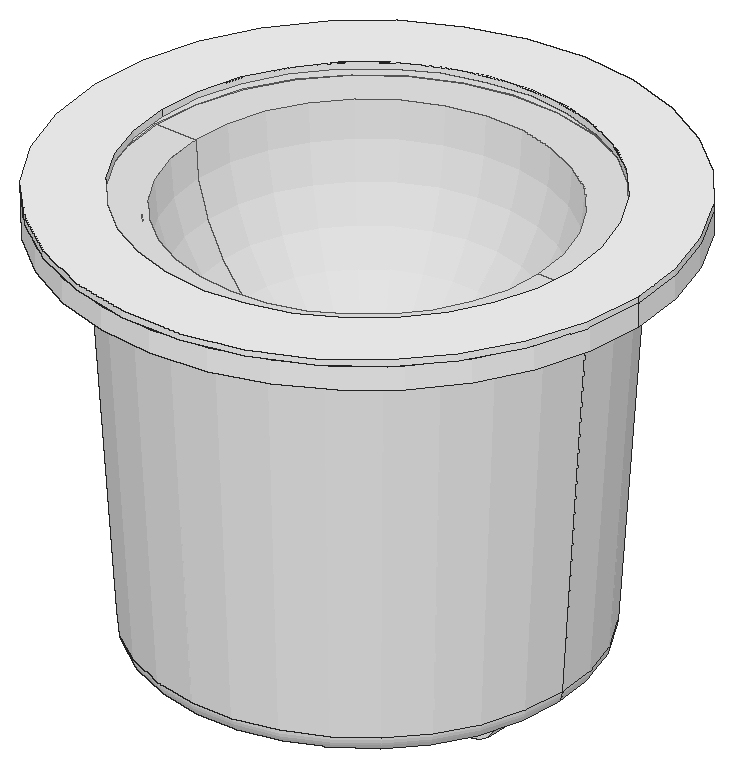
Revit family "2058880 Feilo Sylvania Lighting Fixture MYRD IP ST 2-7K PHDM BLK WBEZ", category Lighting Fixtures, host Face, Revit 2017
Family settings
  Host = Face
  Round Connector Dimension = Use Diameter
  Part Type = Normal
  OmniClass Number = 23.80.70.11.17
  OmniClass Title = Specialized Lighting by Location or Use
  Cut with Voids When Loaded = No
  Light Source = Yes
  Shared = No
  Room Calculation Point = No
Parameters
  Weight = "0.44 kg"
  Wattage = 15 W
  WarrantyStartDate [instance] = "n/a"
  WarrantyGuarantorParts = "n/a"
  WarrantyDurationUnit = "n/a"
  WarrantyDurationParts = "n/a"
  WarrantyDescription = "n/a"
  built-in parameter 1150110 = 1 (stored number, unit not read)
  Voltage = 230 V
  URL = "http://www.sylvania-lighting.com"
  TypeName = "MYRD IP ST 2.7K PHDM BLK WBEZ"
  Type Image = 0
  Type Comments = ""
  built-in parameter 1114217 = 1 (stored number, unit not read)
  Tilt Angle = -90°
  built-in parameter 1150109 = 1 (stored number, unit not read)
  built-in parameter 1150134 = (empty or 0)
  built-in parameter 1150113 = 1 (stored number, unit not read)
  SerialNumber [instance] = "n/a"
  Reflector Radius = Cutout Diameter / 2 - 2.5 mm  # 35.0 mm
  Reflector Material = Aluminum_Sylvania_Myriad_Bright
  Recessed Depth = Height  # 72.0 mm
  PowerFactor = 0
  PowerConsumption = "15 W"
  Photometric Web File = ""
  NominalWidth = 0.0 mm
  NominalLength = 76.0 mm
  NominalHeight = 72.0 mm
  Name = "MYRD IP ST 2.7K PHDM BLK WBEZ"
  ModelReference = "MYRD IP ST 2.7K PHDM BLK WBEZ"
  ModelNumber = "2058880"
  Material = "Aluminium"
  ManufacturerName = "Feilo Sylvania"
  LuminousEfficacy = "70 lm/W"
  LuminaireType = "Ceiling recessed"
  LightOutputRatio = "1"
  LampsType = Lamp  # "LED"
  LampNominalLuminous = "1046 lm"
  LampMacAdamStep = "n/a"
  LampColourTemperature = "2700 K"
  LampColourRenderingIndex = "n/a"
  Keynote = "16500"
  Keynote_2 = "16500"
  InstallationDate [instance] = "n/a"
  InputVoltage = "230-240V~"
  InputNominalFrequency = "50/60 Hz"
  IngressProtection = "IP65"
  ImpactProtectionIndex = "IK02"
  IfcExportType = "IfcLightFixtureType"
  IfcExportAs = "IfcLightFixtureType"
  Height = 72.0 mm  # constant formula
  ExpectedLife = 50000
  Emit from Circle Diameter = Accessory Inner Diameter 2  # 68.0 mm
  Emit Shape Visible in Rendering = no
  ElectricShockClassification = "Class II"
  DurationUnit = "hours"
  DocumentationLiterature = "http://www.sylvania-lighting.com/product/en-int/products/2058880"
  DimmingControlOptions = "Dimmable"
  Diffuser Material = Glass_Sylvania_Myriad_Clear_4000K
  Diffuser Diameter = Cutout Diameter  # 75.0 mm
  Cutout Diameter = 75.0 mm  # constant formula
  CreatedOn = "03-11-2017"
  CreatedBy = ""
  Cost = 0
  built-in parameter 1114216 [instance] = 1 (stored number, unit not read)
  built-in parameter 1150142 = (empty or 0)
  Model = "MYRD IP ST 2.7K PHDM BLK WBEZ"
  Manufacturer = "Feilo Sylvania"  # constant formula
  built-in parameter 1150105 = 83.556 (stored number, unit not read)
  Lumens = 1050 lm
  built-in parameter 1150115 = 1 (stored number, unit not read)
  built-in parameter 1150137 = (empty or 0)
  built-in parameter 1150139 = (empty or 0)
  built-in parameter 1150112 = 1 (stored number, unit not read)
  built-in parameter 1150114 = 1 (stored number, unit not read)
  Lamp = "LED"
  built-in parameter 1150132 = (empty or 0)
  built-in parameter 1150102 = (empty or 0)
  built-in parameter 1150107 = 2700 (stored number, unit not read)
  built-in parameter 1150138 = (empty or 0)
  built-in parameter 1150106 = 0.83556 (stored number, unit not read)
  built-in parameter 1150104 = 6.5032 (stored number, unit not read)
  Dimming Lamp Color Temperature Shift = (empty or 0)
  Description = "Supplied complete with electronic control gear Compact Fluorescent low energy downlight Emergency version passes through the cut out Ideal for low level orientation lighting New range of Architectural accessories each providing a different lit dimension New completely flush plaster up accessory ring for clean ceiling lines and smooth finish Order lamp separately"  # constant formula
  Default Elevation = 0.0 mm
  Color Filter = 16777215
  built-in parameter 1140040 [instance] = 1
  Body Radius = Reflector Radius + 1.5 mm  # 36.5 mm
  Body Material = Aluminum_Sylvania_Myriad_Gray
  BarCode [instance] = "n/a"
  built-in parameter 1114218 = 1 (stored number, unit not read)
  built-in parameter 1150133 = 10 (stored number, unit not read)
  AssetType = "Fixed"
  AssetIdentifier [instance] = "n/a"
  Assembly Code = "D5020200"
  Apparent Load = 15 VA
  Accessory Material = Aluminum_Sylvania_Myriad_White
  Accessory Inner Diameter 2 = Accessory Diameter - 22.0 mm  # 68.0 mm
  Accessory Inner Diameter 1 = Accessory Diameter - 2.0 mm  # 88.0 mm
  Accessory Diameter = Cutout Diameter + 15.0 mm  # 90.0 mm
Reference planes
  plane 1 "Center (Front/Back)": y = 0
  plane 2: z = 0
  plane 3 "Center (Left/Right)": x = 0
  plane 4: z = 2
  plane 5 "Fixture Bottom": z = 4.5
  plane 6: z = -28.5
  plane 7: z = -61.5
  plane 8 "Fixture Top": z = -67.5
  plane 9: z = 3.5
Forms (mm)
  Revolve 1, solid, material "Aluminum_Sylvania_Myriad_Bright" <- "Reflector Material", detail levels fine
    sketch origin (0, 0, 0) x (1, 0, 0) y (0, 0, 1)
      loop
        line (0, -27.515) -> (-6, -27.515)
        arc (-6, -27.515) -> (-22.333, -16.632) -> (-28.5, 2) r 30.135
        line (-28.5, 2) -> (-35, 2) -> (-35, 0) -> (-29.184, 0)
        arc (-29.184, 0) -> (-22.423, -18.18) -> (-6, -28.5) r 30.204
        line (-6, -28.5) -> (0, -28.5) -> (0, -27.515)
      axis (0, -28.5) -> (0, 2)
    angle from 0 to 360
  Revolve 2, solid, material "Aluminum_Sylvania_Myriad_Gray" <- "Body Material", detail levels fine
    sketch origin (0, 0, 0) x (1, 0, 0) y (0, 0, 1)
      loop
        line (-44, 2) -> (-44, 0) -> (-36.5, 0) -> (-32.42, -58.708)
        arc (-32.42, -58.708) -> (-31.474, -60.694) -> (-29.428, -61.5) r 3
        line (-29.428, -61.5) -> (0, -61.5) -> (0, -28.5) -> (-6, -28.5)
        arc (-6, -28.5) -> (-22.423, -18.18) -> (-29.184, 0) r 30.204
        line (-29.184, 0) -> (-35, 0) -> (-35, 2) -> (-44, 2)
      axis (0, 2) -> (0, -61.5)
    angle from 0 to 360
  Extrusion 3, solid, material "Aluminum_Sylvania_Myriad_Gray" <- "Body Material", detail levels fine
    sketch origin (0, 0, 0) x (1, 0, 0) y (0, 0, 1)
      loop
        line (-13.5, -67.5) -> (21, -67.5)
        arc (21, -67.5) -> (23.828, -66.328) -> (25, -63.5) r 4
        line (25, -63.5) -> (25, -61.5) -> (-17.5, -61.5) -> (-17.5, -63.5)
        arc (-17.5, -63.5) -> (-16.328, -66.328) -> (-13.5, -67.5) r 4
    from -4.5 to 4.5
  Extrusion 4, solid, material "Aluminum_Sylvania_Myriad_White" <- "Accessory Material", detail levels fine
    sketch origin (0, 0, 0) x (1, 0, 0) y (0, 1, 0)
      loop
        circle (0, 0) r 45
      loop
        circle (0, 0) r 44
    from 0 to 3.5
  Extrusion 5, solid, material "Aluminum_Sylvania_Myriad_White" <- "Accessory Material", detail levels fine
    sketch origin (0, 0, 0) x (1, 0, 0) y (0, 1, 0)
      loop
        circle (0, 0) r 45
      loop
        circle (0, 0) r 34
    from 3.5 to 4.5
  Extrusion 6, solid, material "Aluminum_Sylvania_Myriad_White" <- "Accessory Material", detail levels coarse+medium
    sketch origin (0, 0, 0) x (1, 0, 0) y (0, 1, 0)
      loop
        circle (0, 0) r 45
    from 0 to 4.5
  Revolve 7, solid, detail levels coarse+medium
    sketch origin (0, 0, 0) x (1, 0, 0) y (0, 0, 1)
      loop
        line (36.5, 0) -> (0, 0) -> (0, -61.5) -> (32.226, -61.5) -> (36.5, 0)
      axis (0, 0) -> (0, -61.5)
    angle from 0 to 360
  Extrusion 8, void
    sketch origin (0, 0, 0) x (1, 0, 0) y (0, 1, 0)
      loop
        circle (0, 0) r 37.5
    from -67.5 to 0
  Extrusion 9, solid, material "Glass_Sylvania_Myriad_Clear_4000K" <- "Diffuser Material", detail levels fine
    sketch origin (0, 0, 0) x (1, 0, 0) y (0, 1, 0)
      loop
        circle (0, 0) r 37.5
    from 2 to 3.5
Cuts and joins
  joined: Extrusion 4, Extrusion 5
Lines and regions (mm)
  Masking region 1
    outline origin (0, 0, 0) x (1, 0, 0) y (0, 1, 0)
      loop
        circle (0, 0) r 45
  symbolic lines
    curve 1: arc (-34, 0, 0) -> (0, 34, 0) -> (34, 0, 0) r 34
    curve 2: arc (34, 0, 0) -> (0, -34, 0) -> (-34, 0, 0) r 34
Dimensions and locks
  locked: plane 7 to plane 8 "Fixture Top" at 6
  "Body Radius": Revolve 7 sketch curve to plane 3 "Center (Left/Right)"
  locked: Revolve 7 sketch curve to Revolve 7 sketch curve at 4.274
  plane 5 "Fixture Bottom" to plane 9 to plane 4 to plane 2 to plane 6 = 1.0 mm locked, 1.5 mm locked, 2.0 mm locked, 28.5 mm locked
  "Reflector Radius": Revolve 1 sketch curve to plane 3 "Center (Left/Right)"
  Revolve 1 sketch curve to Revolve 1 sketch curve to Revolve 1 sketch curve to Revolve 1 sketch curve = 6.5 mm locked, 22.5 mm locked, 0.0 mm locked
  "Reflector Radius": plane 3 "Center (Left/Right)" to Revolve 2 sketch curve
  Revolve 2 sketch curve to Revolve 2 sketch curve to Revolve 2 sketch curve = 7.5 mm locked, 1.5 mm locked
  Revolve 2 sketch curve to Revolve 2 sketch curve to Revolve 2 sketch curve = 5.816 mm locked, 23.184 mm locked
  Revolve 2 sketch curve to Revolve 2 sketch curve to Revolve 2 sketch curve = 2.58 mm locked, 2.993 mm locked
  "Accessory Diameter": diameter of Extrusion 4 sketch curve
  "Accessory Inner Diameter 1": diameter of Extrusion 4 sketch curve
  "Accessory Diameter": diameter of Extrusion 5 sketch curve
  "Accessory Diameter": diameter of Extrusion 6 sketch curve
  "Cutout Diameter": diameter of Extrusion 8 sketch curve
  "Accessory Inner Diameter 2": diameter of Extrusion 5 sketch curve
  "Diffuser Diameter": diameter of Extrusion 9 sketch curve
  aligned and locked: plane 2 to host face
  aligned and locked: level to host face
  aligned and locked: plane 1 "Center (Front/Back)" to imposter light
  aligned and locked: plane 3 "Center (Left/Right)" to imposter light
  aligned and locked: Revolve 1 sketch curve to imposter light
  aligned and locked: Extrusion 3 sketch curve to plane 8 "Fixture Top"
  aligned and locked: plane 7 to Extrusion 3 sketch curve
  aligned and locked: Extrusion 4 to plane 2
  aligned and locked: plane 9 to Extrusion 4
  aligned and locked: Extrusion 5 to plane 9
  aligned and locked: plane 5 "Fixture Bottom" to Extrusion 5
  aligned and locked: Extrusion 6 to plane 2
  aligned and locked: plane 5 "Fixture Bottom" to Extrusion 6
  aligned and locked: Extrusion 8 to plane 8 "Fixture Top"
  aligned and locked: plane 2 to Extrusion 8
  aligned and locked: Masking region 1 sketch curve to Extrusion 6  (x2)
  aligned and locked: Extrusion 9 to plane 4
  aligned and locked: plane 9 to Extrusion 9
  aligned and locked: plane 4 to Revolve 2 sketch curve
  aligned and locked: Revolve 2 sketch curve to plane 2
  aligned and locked: curve 1 to cut or joined group of Extrusion 4, Extrusion 5
  aligned and locked: curve 2 to cut or joined group of Extrusion 4, Extrusion 5
  aligned and locked: imposter light to plane 5 "Fixture Bottom"
Automatic sketch dimensions
  host sketch curve to host sketch curve = 1305.563 mm
  host sketch curve to host sketch curve = 1283.632 mm
  Extrusion 3 sketch curve to plane 7 = 2.0 mm
  Extrusion 3 sketch curve to plane 3 "Center (Left/Right)" = 13.5 mm
  plane 3 "Center (Left/Right)" to Extrusion 3 sketch curve = 21.0 mm
  Extrusion 3 sketch curve to Extrusion 3 sketch curve = 4.0 mm
  Revolve 1 sketch curve to level = 0.0 mm
  Revolve 1 sketch curve to plane 3 "Center (Left/Right)" = 0.0 mm
  Revolve 1 sketch curve to plane 6 = 0.0 mm
  Revolve 1 sketch curve to plane 4 = 0.0 mm
  Revolve 1 sketch curve to Revolve 1 sketch curve = 0.684 mm
  level to Revolve 1 sketch curve = 0.88 mm
  Revolve 1 sketch curve to plane 4 = 0.363 mm
  Revolve 1 sketch curve to Revolve 1 sketch curve = 0.625 mm
  Revolve 1 sketch curve to plane 8 "Fixture Top" = 232.8 mm
  plane 5 "Fixture Bottom" to Revolve 1 sketch curve = 291.243 mm
  Revolve 2 sketch curve to plane 3 "Center (Left/Right)" = 0.0 mm  (x2)
  Revolve 2 sketch curve to plane 7 = 0.0 mm
  Revolve 2 sketch curve to plane 6 = 0.0 mm
  Revolve 2 sketch curve to level = 0.0 mm
  level to Revolve 2 sketch curve = 0.88 mm
  plane 7 to Revolve 2 sketch curve = 2.792 mm
  Revolve 2 sketch curve to plane 8 "Fixture Top" = 304.774 mm
  plane 5 "Fixture Bottom" to Revolve 2 sketch curve = 1137.105 mm
  Extrusion 4 sketch curve to Extrusion 4 sketch curve = 0.0 mm  (x2)
  plane 1 "Center (Front/Back)" to Extrusion 4 sketch curve = 0.0 mm
  Extrusion 4 sketch curve to plane 3 "Center (Left/Right)" = 0.0 mm
  Extrusion 5 sketch curve to Extrusion 5 sketch curve = 0.0 mm  (x2)
  plane 1 "Center (Front/Back)" to Extrusion 5 sketch curve = 0.0 mm
  Extrusion 5 sketch curve to plane 3 "Center (Left/Right)" = 0.0 mm
  plane 1 "Center (Front/Back)" to Extrusion 6 sketch curve = 0.0 mm
  Extrusion 6 sketch curve to plane 3 "Center (Left/Right)" = 0.0 mm
  Revolve 7 sketch curve to level = 0.0 mm
  Revolve 7 sketch curve to plane 3 "Center (Left/Right)" = 0.0 mm  (x2)
  Revolve 7 sketch curve to plane 7 = 0.0 mm
  Revolve 7 sketch curve to plane 8 "Fixture Top" = 304.774 mm
  plane 5 "Fixture Bottom" to Revolve 7 sketch curve = 43.226 mm
  plane 1 "Center (Front/Back)" to Extrusion 8 sketch curve = 0.0 mm
  Extrusion 8 sketch curve to plane 3 "Center (Left/Right)" = 0.0 mm
  plane 1 "Center (Front/Back)" to Extrusion 9 sketch curve = 0.0 mm
  Extrusion 9 sketch curve to plane 3 "Center (Left/Right)" = 0.0 mm
Connectors
  electrical at (-0.006, -0.019, -67.5), driven by "Apparent Load", driven by "Apparent Load"
    settings: on plane 8 "Fixture Top", index 1, voltage 230 V, apparent load 15 VA, apparent load phase1 15 VA, apparent load phase2 0 VA, apparent load phase3 0 VA, power factor 1, load classification "Lighting", number of poles 1, system type 30, power factor state 1, is connector primary yes, connector utility no, sub classification motor no, connector description ""
